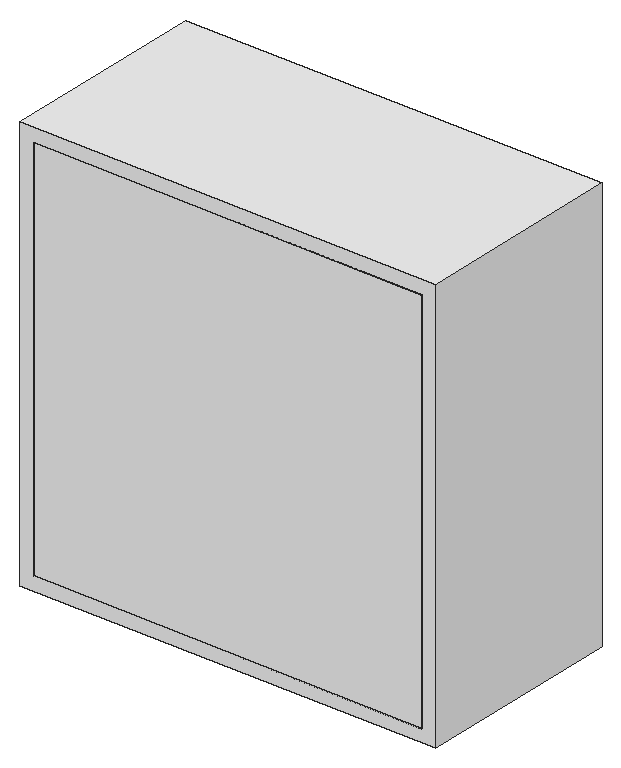
Revit family "M_Armário superior-Porta dupla com vidro-Parede", category Componentes de gabinete, Revit 2019
Family settings
  Hospedeiro = Parede
  Número OmniClass = 23.40.35.17.47.11
  Título OmniClass = Kitchen Casework
  ID de item do Seek = Upper Cabinet-Double Door w Glass-Wall-0000-CAN-ENU
  Sempre na vertical = Sim
  Corte com vazios quando carregada = Não
  Compartilhado = Não
  Ponto de cálculo do ambiente = Não
Parameters (values of type "600mm")
  Material do armário = none
  Linear = 300 mm
  Material da porta/gaveta = none
  Material do puxador = Armários - Puxadores
  Height = 600 mm
  Material do painel = Armários - Painel/Vidro
  Topo do armário = 2000 mm
  Width = 600 mm
Types (3, lengths in mm): name | Width
  (no name) | 600
  600mm | 600
  1000mm | 1000
Reference planes
  plane 1: y = 0
  plane 2 "Centro": x = 29.771
  plane 3 "Direita": x = 329.771
  plane 4 "Esquerda": x = -270.229
  plane 5: z = 1400
  plane 6: z = 2000
  plane 7 "Parte frontal": y = 376.2
  plane 8: y = 76.2
  plane 9: z = 1700
Forms (mm)
  Extrusion 1, solid, material <- "Material do armário"
    sketch origin (0, 76.2, 0) x (1, 0, 0) y (0, 0, 1)
      loop
        line (329.771, 2000) -> (-270.229, 2000) -> (-270.229, 1400) -> (329.771, 1400) -> (329.771, 2000)
      loop
        line (310.721, 1980.95) -> (-251.179, 1980.95) -> (-251.179, 1419.05) -> (310.721, 1419.05) -> (310.721, 1980.95)
    from 0 to -300
  Extrusion 2, solid, material <- "Material do armário"
    sketch origin (0, 76.2, 0) x (1, 0, 0) y (0, 0, 1)
      loop
        line (310.721, 1980.95) -> (-251.179, 1980.95) -> (-251.179, 1419.05) -> (310.721, 1419.05) -> (310.721, 1980.95)
    from 0 to -19.05
  Extrusion 3, solid, material <- "Material da porta/gaveta"
    sketch origin (0, 376.2, 0) x (0, 0, 1) y (1, 0, 0)
      loop
        line (1980.95, 310.721) -> (1419.05, 310.721) -> (1419.05, 32.946) -> (1980.95, 32.946) -> (1980.95, 310.721)
      loop
        line (1980.95, -251.179) -> (1980.95, 26.596) -> (1419.05, 26.596) -> (1419.05, -251.179) -> (1980.95, -251.179)
      loop
        line (1450.8, 278.971) -> (1450.8, 64.696) -> (1949.2, 64.696) -> (1949.2, 278.971) -> (1450.8, 278.971)
      loop
        line (1949.2, -219.429) -> (1949.2, -5.154) -> (1450.8, -5.154) -> (1450.8, -219.429) -> (1949.2, -219.429)
    from 12.7 to -19.05
  Extrusion 4, solid, material "Armários - Painel/Vidro" <- "Material do painel"
    sketch origin (0, 376.2, 0) x (0, 0, 1) y (1, 0, 0)
      loop
        line (1949.2, 278.971) -> (1450.8, 278.971) -> (1450.8, 64.696) -> (1949.2, 64.696) -> (1949.2, 278.971)
      loop
        line (1450.8, -219.429) -> (1949.2, -219.429) -> (1949.2, -5.154) -> (1450.8, -5.154) -> (1450.8, -219.429)
    from -12.7 to -6.35
  Sweep 5, solid, material "Armários - Puxadores" <- "Material do puxador"
    path origin (4.371, 0, 0) x (0, 1, 0) y (0, 0, 1)
      loop
        line (388.9, 1552.4) -> (401.6, 1552.4)
        arc (401.6, 1552.4) -> (410.58, 1548.68) -> (414.3, 1539.7) r 12.7
        line (414.3, 1539.7) -> (414.3, 1463.5)
        arc (414.3, 1463.5) -> (410.58, 1454.52) -> (401.6, 1450.8) r 12.7
        line (401.6, 1450.8) -> (388.9, 1450.8)
    profile origin (4.371, 395.25, 0) x (0, 0, 1) y (1, 0, 0)
      loop
        circle (1552.4, 0) r 6.35
  Sweep 6, solid, material "Armários - Puxadores" <- "Material do puxador"
    path origin (55.171, 0, 0) x (0, 1, 0) y (0, 0, -1)
      loop
        line (388.9, -1552.4) -> (401.6, -1552.4)
        arc (401.6, -1552.4) -> (410.58, -1548.68) -> (414.3, -1539.7) r 12.7
        line (414.3, -1539.7) -> (414.3, -1463.5)
        arc (414.3, -1463.5) -> (410.58, -1454.52) -> (401.6, -1450.8) r 12.7
        line (401.6, -1450.8) -> (388.9, -1450.8)
    profile origin (55.171, 395.25, 0) x (0, 0, -1) y (-1, 0, 0)
      loop
        circle (-1552.4, 0) r 6.35
Lines and regions (mm)
  model lines
    curve 1: line (29.771, 376.2, 1980.95) -> (29.771, 376.2, 1400)
  symbolic lines, style "Rep. da planta - Acima"
    curve 2: line (-270.229, 76.2, 0) -> (329.771, 76.2, 0)
    curve 3: line (-270.229, 376.2, 0) -> (-270.229, 76.2, 0)
    curve 4: line (329.771, 376.2, 0) -> (-270.229, 376.2, 0)
    curve 5: line (329.771, 76.2, 0) -> (329.771, 376.2, 0)
  symbolic lines, style "Giro da elevação"
    curve 6: line (28.952, 0, 1982.311) -> (-254.336, 0, 1703.193)
    curve 7: line (32.946, 0, 1419.05) -> (310.721, 0, 1699.012)
    curve 8: line (26.596, 0, 1419.05) -> (-251.179, 0, 1700)
    curve 9: line (310.721, 0, 1699.012) -> (28.952, 0, 1982.311)
Text (mm)
  text "Lado da colocação" at (0, 1019.848, 3124.603), in view "Direita"
  text "Lado da colocação" at (-1303.176, 859.072, 0), in view "Linha do piso"
  text "Lado da colocação" at (0, 1402.211, 2493.666), in view "Esquerda"
Dimensions and locks
  equal spacing: plane 4 "Esquerda", plane 2 "Centro", plane 3 "Direita"
  "Width": plane 4 "Esquerda" to plane 3 "Direita"
  "Height": plane 5 to plane 6
  "Linear": plane 8 to plane 7 "Parte frontal"
  equal spacing: plane 5, plane 9, plane 6
  "Topo do armário": level to plane 6
  aligned and locked: plane 8 to host wall
  aligned and locked: plane 7 "Parte frontal" to Extrusion 1
  aligned and locked: Extrusion 2 sketch curve to Extrusion 1  (x4)
  aligned and locked: Extrusion 3 to Extrusion 4 sketch curve  (x2)
  aligned and locked: Extrusion 4 sketch curve to Extrusion 3  (x4)
  aligned and locked: Extrusion 3 sketch curve to Extrusion 1
  aligned and locked: plane 5 to curve 1
Automatic sketch dimensions
  Extrusion 1 sketch curve to plane 4 "Esquerda" = 0 mm
  Extrusion 1 sketch curve to plane 3 "Direita" = 0 mm
  Extrusion 1 sketch curve to plane 5 = 0 mm
  Extrusion 1 sketch curve to plane 6 = 0 mm
  plane 4 "Esquerda" to Extrusion 1 sketch curve = 19.05 mm
  Extrusion 1 sketch curve to plane 3 "Direita" = 19.05 mm
  Extrusion 1 sketch curve to plane 5 = 19.05 mm
  plane 6 to Extrusion 1 sketch curve = 19.05 mm
  Sweep 5 sketch curve to profile plane = 0 mm
  profile plane to Sweep 5 sketch curve = 6.35 mm
  Sweep 6 sketch curve to profile plane = 0 mm
  profile plane to Sweep 6 sketch curve = 6.35 mm
  curve 4 to plane 4 "Esquerda" = 0 mm
  curve 4 to plane 3 "Direita" = 0 mm
  curve 2 to host wall = 0 mm
  curve 4 to plane 7 "Parte frontal" = 0 mm
  Extrusion 3 sketch curve to plane 5 = 19.05 mm  (x2)
  Extrusion 3 sketch curve to Extrusion 3 sketch curve = 31.75 mm  (x3)
  plane 6 to Extrusion 3 sketch curve = 50.8 mm  (x2)
  plane 6 to Extrusion 3 sketch curve = 19.05 mm
  Extrusion 3 sketch curve to Extrusion 3 sketch curve = 0 mm
  Extrusion 3 sketch curve to plane 2 "Centro" = 34.925 mm
  Extrusion 3 sketch curve to plane 2 "Centro" = 3.175 mm
  plane 2 "Centro" to Extrusion 3 sketch curve = 3.175 mm
  plane 2 "Centro" to Extrusion 3 sketch curve = 34.925 mm
  Extrusion 3 sketch curve to plane 3 "Direita" = 50.8 mm
  Extrusion 3 sketch curve to plane 3 "Direita" = 19.05 mm
  plane 7 "Parte frontal" to Sweep 6 sketch curve = 12.7 mm  (x2)
  Sweep 6 sketch curve to Sweep 6 sketch curve = 12.7 mm  (x3)
  Sweep 6 sketch curve to plane 5 = 152.4 mm
  Sweep 6 sketch curve to plane 5 = 63.5 mm
  plane 7 "Parte frontal" to Sweep 5 sketch curve = 12.7 mm  (x2)
  Sweep 5 sketch curve to Sweep 5 sketch curve = 12.7 mm  (x3)
  Sweep 5 sketch curve to plane 5 = 50.8 mm
  Sweep 5 sketch curve to Sweep 5 sketch curve = 76.2 mm
  Extrusion 4 sketch curve to plane 5 = 50.8 mm
  plane 6 to Extrusion 4 sketch curve = 50.8 mm
  curve 1 to plane 2 "Centro" = 0 mm
  curve 8 to plane 9 = 0 mm
  curve 6 to plane 9 = 3.193 mm
  plane 6 to curve 1 = 19.05 mm
  curve 6 to plane 2 "Centro" = 0.819 mm
  curve 6 to curve 1 = 1.361 mm
  plane 9 to curve 7 = 0.988 mm
  plane 2 "Centro" to curve 7 = 3.175 mm
  curve 7 to plane 5 = 19.05 mm
  curve 8 to plane 2 "Centro" = 3.175 mm
  curve 8 to curve 7 = 0 mm
  plane 4 "Esquerda" to curve 8 = 19.05 mm
  curve 6 to curve 8 = 3.157 mm
  curve 9 to plane 3 "Direita" = 19.05 mm
